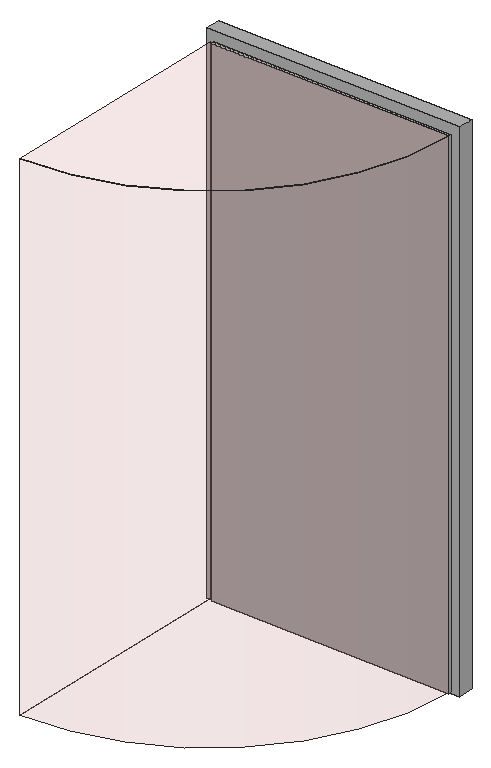
Revit family "ASSA ABLOY - DL1.3 DRAGON, single-leaf, C-shaped frame", category Doors, host Wall, Revit 2021
Family settings
  Host = Wall
  OmniClass Number = 23.30.10.00
  OmniClass Title = Doors
  Always vertical = Yes
  Cut with Voids When Loaded = No
  Shared = No
  Room Calculation Point = No
Parameters (values of type "1265 x 2770 (1269 x 2772)")
  URL = "https://www.assaabloy.com/pl/pl"
  Type Comments = "Door leaf made of two pressed zinc-plated steel sheets 1,0mm thick. Reinforced with \"C\" profiles and filled with mineral wool. Door with 4-sided thick rebate with gasket."
  Symbol Radius = Door Leaf Width + 11.000 mm  # 1343.500 mm
  Rough Width Conversion = 156.500 mm  # constant formula
  Rough Width Adjustment = 0.000 mm  # constant formula
  Rough Height Real = Height Round + Rough Height Conversion + Rough Height Adjustment  # 2873.000 mm
  Rough Height Conversion = 103.000 mm  # constant formula
  Rough Height Adjustment = 0.000 mm  # constant formula
  Resset Value [instance] = 30.000 mm
  Opening Zone [instance] = yes
  Model = "Doorset_Steel Security Door RC3, Rw(dB)= 46/ Access control_ASSA ABLOY Opening Solutions_Hardware 3D"
  Hinges Material = Default steel
  HW Item 9 = "1x CH101: defender_ABLOY"
  HW Item 8 = "1x Presto 3-20/042: U-shape handle set on round rosettes (with ABLOY®ACTIVE coating in option)_ABLOY"
  HW Item 12 = "1x Incedo: Access Control Set_ASSA ABLOY (option)"
  HW Item 11 = "1x HID SIGNO 20: card reader_HID"
  HW Item 10 = "1x 206253: Vercy door stopper, max 120 kg_ASSA ABLOY (option) "
  Frame Finish [instance] = ""
  Fire Rating = "NFR"  # constant formula
  Width Round = roundup((Width / 5.000 mm)) * 5.000 mm  # 1265.000 mm
  Thickness = 60.000 mm  # constant formula
  Smoke Rating = "S (optional)"
  Rough Width = Width Round + Rough Width Conversion + Rough Width Adjustment + 3.500 mm  # 1425.000 mm
  Rough Height = Height Round + 2.000 mm + Rough Height Conversion + Rough Height Adjustment  # 2875.000 mm
  Readme = "The actual lintel height is consistent with the Rough Height parameter.\nThe final HW Set should be consistent with the function of the door and its  parameters.\nHardware mounted on door surface may affect the clear passage opening. For verification, please contact the specification department."
  Provider = "ASSA ABLOY Opening Solutions"
  Product Group = "Single-Steel-Access Control"
  Name = "Steel Security Door RC3, Rw(dB)= 46/ Access control"
  Min Door Width = 450.000 mm
  Min Door Height = 1450.000 mm
  Mechanical Strength = 4
  Max Door Width = 1270.000 mm
  Max Door Height = 2770.000 mm
  Manufacturer = "ASSA ABLOY"  # constant formula
  IfcExportType = "USERDEFINED"
  IfcExportAs = "IfcDoorType"
  Rough Width Real = Width Round + Rough Width Conversion + Rough Width Adjustment  # 1421.500 mm
  Height Round = roundup((Height / 5.000 mm)) * 5.000 mm  # 2770.000 mm
  Hardware Set = "1.5PL"
  HW Item 7 = "1x ABLOY Protec2: Euro profile cylinder in disc technology_ABLOY "
  HW Item 6 = "1x EA219: cable 10m"
  HW Item 5 = "1x EA280/ EA281: lead cover"
  HW Item 4 = "1x EL566: high security, handle controlled, electromechanical multipoint mortice lockcase with  automatic dead locking system_ABLOY"
  HW Item 3 = "1x A153: mechanical opening damper_ASSA ABLOY (option)"
  HW Item 2 = "1x G195: door closer guide rail_ASSA ABLOY"
  HW Item 1 = "1x DC700/ DC500: door closer, Cam-Motion®_ASSA ABLOY"
  Function = Interior
  Height = 2770.000 mm
  Wall Closure = By host
  Width = 1265.000 mm
  Frame Type = "Welded steel C-shaped frame made of zinc-plated steel sheet 3mm thick with EPDM gasket."
  Frame Material = Default steel
  Family name = "1.5_DOORSET_DL 1.3 DRAGON_SINGLE-LEAF_C-SHAPED FRAME_ASSA ABLOY PL"
  Environmental Product Declaration (EPD) = "To be confirmed with Provider"  # constant formula
  Environmental Management System = "To be confirmed with Provider"  # constant formula
  Edition number = "1"
  Door Type = "DL1.3 DRAGON"
  Door Material = Default steel
  Door Leaf Width = Width Round + Rough Width Adjustment + 67.500 mm  # 1332.500 mm
  Door Finish Push Side [instance] = ""
  Door Finish Pull Side [instance] = ""
  Description = "DL1.3 DRAGON, door leaf made of two pressed zinc-plated steel sheets 1,0mm thick. Reinforced with \"C\" profiles and filled with mineral wool. Door with 4-sided thick rebate with gasket. Operating forces – class 3 according to EN 12217:2005. Mechanical strength – class 4 according to EN 1192:2001. Thermal transmittance Uw=1,3W/m²K according to EN ISO 10077-1:2007. Burglary resistance – class RC3 according to EN 1627:2012. Acoustic rating - Rw=46dB according to PN-EN ISO 717-1:2013-08. Hinges with ball bearings, main lock: multipoint class 4 according to EN 12209, three anti-burglary bolts. Welded steel C-shaped frame made of zinc-plated steel sheet 3mm thick with EPDM gasket. 20mm fixed threshold. Optional: low threshold or drop-down seal."
  Date of publishing = ""
  Contact Provider = "https://www.assaabloy.com/pl/pl/solutions/topics/bim-specification/contact"
  Brand = "Donimet Bis Sp. z o. o."  # constant formula
  Author = "www.archispace.pl"
Types (3, lengths in mm): name | Symbol Radius | Rough Height Real | Width Round | Rough Width | Rough Height | Rough Width Real | Height Round | Height | Width | Door Leaf Width
  450 x 1450 (454 x 1452) | 528.500 | 1553.000 | 450.000 | 610.000 | 1555.000 | 606.500 | 1450.000 | 1450.000 | 450.000 | 517.500
  900 x 2000 (904 x 2002) | 978.500 | 2103.000 | 900.000 | 1060.000 | 2105.000 | 1056.500 | 2000.000 | 2000.000 | 900.000 | 967.500
  1265 x 2770 (1269 x 2772) | 1343.500 | 2873.000 | 1265.000 | 1425.000 | 2875.000 | 1421.500 | 2770.000 | 2770.000 | 1265.000 | 1332.500
Reference planes
  plane 1: y = 0
  plane 2 "Center (Left/Right)": x = 0
  plane 3: z = 2875
  plane 4 "Exterior": y = 120
  plane 5 "Interior": y = -120
  plane 6: x = -710.75
  plane 7: x = 710.75
  plane 8: z = 2790
  plane 9: y = -73
  plane 10: y = -125.5
  plane 11: z = 9.5
  plane 12: z = 26
  plane 13: z = 2873
  plane 14: y = -51
  plane 15: y = -73.8
  plane 16: y = -139
  plane 17: x = -712.5
  plane 18: x = 712.5
  plane 19: y = -111
  plane 20: x = -649.75
  plane 21: x = 649.75
  plane 22: z = 2818.5
  plane 23: y = -65.5
  plane 24: y = -90
  plane 25: y = -5
  plane 26: x = 666.25
  plane 27: x = -677.25
  plane 28: x = -666.25
  plane 29: y = -101
  plane 30: z = 2863
  plane 31: x = 637.75
  plane 32: x = -627.25
  plane 33: z = 20
  plane 34: z = 2802
Forms (mm)
  Sweep 1, solid, material "Default steel" <- "Frame Material"
    path origin (0, -120, 0) x (1, 0, 0) y (0, 0, 1)
      loop
        line (-710.75, 0) -> (-710.75, 2863) -> (710.75, 2863) -> (710.75, 0)
    profile origin (-710.75, -120, 1431.5) x (-1, 0, 0) y (0, -1, 0)
      loop
        line (0, -30) -> (-55, -30) -> (-55, -76) -> (-73, -76) -> (-73, -115) -> (0, -115) -> (0, -30)
  Sweep 2, solid, material "Default steel" <- "Frame Material"
    path origin (-5000, -120, 0) x (1, 0, 0) y (0, 0, 1)
      loop
        line (4344.25, 0) -> (5655.75, 0)
    profile origin (0, -120, 0) x (0, 0, 1) y (0, -1, 0)
      loop
        line (0, -30) -> (0, -115) -> (20, -115) -> (20, -30) -> (0, -30)
  Sweep 3, solid, material "Opening zone", visible <- "Opening Zone"
    path origin (-5031, 0, 0) x (-1, 0, 0) y (0, 0, 1)
      loop
        line (-5000, 9.5) -> (-5000, 2818.5)
    profile origin (-31, 0, 1414) x (1, 0, 0) y (0, 1, 0)
      loop
        line (-646.25, -101) -> (-646.25, -1444.5)
        arc (-646.25, -1444.5) -> (303.748, -1050.998) -> (697.25, -101) r 1343.5
        line (697.25, -101) -> (-646.25, -101)
  Sweep 4, solid, material "Default steel" <- "Door Material"
    path origin (415, -90, 1200) x (-1, 0, 0) y (0, 0, 1)
      loop
        line (415, -1174) -> (415, 1602)
    profile origin (0, -90, 1414) x (1, 0, 0) y (0, 1, 0)
      loop
        line (649.75, 39) -> (-649.75, 39) -> (-649.75, -3) -> (649.75, -3) -> (649.75, 39)
  Sweep 5, solid, material "Default steel" <- "Frame Material"
    path origin (0, 120, 0) x (1, 0, 0) y (0, 0, 1)
      loop
        line (710.75, 2863) -> (-710.75, 2863)
    profile origin (0, 120, 2863) x (0, 0, -1) y (0, -1, 0)
      loop
        line (-10, 125) -> (0, 125) -> (0, 210) -> (-10, 210) -> (-10, 125)
  Sweep 6, solid, material "Default steel" <- "Door Material"
    path origin (415, -90, 1200) x (-1, 0, 0) y (0, 0, 1)
      loop
        line (415, -1190.5) -> (415, 1618.5)
    profile origin (0, -90, 1414) x (1, 0, 0) y (0, 1, 0)
      loop
        line (666.25, -21) -> (666.25, -3) -> (-666.25, -3) -> (-666.25, -21) -> (666.25, -21)
Cuts and joins
  joined: Sweep 1, Sweep 2, Sweep 5
  joined: Sweep 4, Sweep 6
Lines and regions (mm)
  Opening 1
    outline origin (-3050, -120, 0) x (1, 0, 0) y (0, 0, 1)
      loop
        line (2337.5, 0) -> (3762.5, 0) -> (3762.5, 2875) -> (2337.5, 2875) -> (2337.5, 0)
  Masking region 1, detail levels fine
    outline origin (-1132.682, -300, 2037) x (-1, 0, 0) y (0, -1, 0)
      loop
        line (-421.932, -295) -> (-421.932, -210) -> (-476.932, -210) -> (-476.932, -256) -> (-494.932, -256) -> (-494.932, -295) -> (-421.932, -295)
      loop
        line (-1843.432, -210) -> (-1843.432, -295) -> (-1770.432, -295) -> (-1770.432, -256) -> (-1788.432, -256) -> (-1788.432, -210) -> (-1843.432, -210)
  Masking region 2, detail levels medium
    outline origin (-1132.682, -300, 2037) x (-1, 0, 0) y (0, -1, 0)
      loop
        line (-421.932, -295) -> (-421.932, -210) -> (-476.932, -210) -> (-476.932, -256) -> (-494.932, -256) -> (-494.932, -295) -> (-421.932, -295)
      loop
        line (-1843.432, -295) -> (-1770.432, -295) -> (-1770.432, -256) -> (-1788.432, -256) -> (-1788.432, -210) -> (-1843.432, -210) -> (-1843.432, -295)
  Masking region 3, detail levels fine
    outline origin (-1132.682, -300, 2037) x (-1, 0, 0) y (0, -1, 0)
      loop
        circle (-455.432, -199) r 11
  symbolic lines, style "Elevation Swing"
    curve 1: line (666.25, -120, 1437.5) -> (-677.25, -120, 2818.5)
    curve 2: line (666.25, -120, 1437.5) -> (-677.25, -120, 9.5)
Text (mm)
  text "Exterior" at (-1376.75, 1099.543, 0), in view "Ref. Level"
  text "Exterior" at (0, 1615.38, 3698.081), in view "Left"
  text "Exterior" at (0, 1036.032, 3874.932), in view "Right"
Dimensions and locks
  "Rough Height": plane 3 to host wall
  equal spacing: host wall, curve 2, plane 3
  host wall to plane 3 = 2875.000 mm
  locked: plane 4 "Exterior" to host wall
  locked: plane 5 "Interior" to host wall
  equal spacing: plane 6, plane 2 "Center (Left/Right)", plane 7
  "Rough Width Real": plane 6 to plane 7
  plane 11 to level = 9.500 mm
  locked: plane 12 to level at 26
  locked: plane 9 to plane 5 "Interior" at 47
  locked: plane 9 to plane 15 at 0.8
  equal spacing: plane 17, plane 2 "Center (Left/Right)", plane 18
  "Rough Width": plane 17 to plane 18
  Masking region 2 sketch curve to plane 7 = 73.000 mm
  plane 17 to plane 18 = 1425.000 mm
  locked: plane 6 to plane 20 at 61
  locked: plane 21 to plane 7 at 61
  plane 12 to level = 26.000 mm
  locked: plane 11 to level at 9.5
  locked: plane 22 to plane 3 at 56.5
  plane 5 "Interior" to plane 10 = 5.500 mm
  locked: Masking region 1 sketch curve to Masking region 1 sketch curve at 73
  locked: Masking region 1 sketch curve to Masking region 1 sketch curve at 39
  equal spacing: Masking region 1 sketch curve, Masking region 1 sketch curve, Masking region 1 sketch curve
  Masking region 1 sketch curve to plane 7 = 73.000 mm
  locked: plane 25 to Masking region 1 sketch curve at 39
  locked: Masking region 1 sketch curve to Masking region 1 sketch curve at 55
  locked: plane 24 to plane 23 at 24.5
  locked: plane 25 to plane 19 at 106
  locked: plane 21 to plane 26 at 16.5
  "Resset Value": plane 5 "Interior" to plane 24
  locked: plane 25 to plane 24 at 85
  locked: Masking region 2 sketch curve to Masking region 2 sketch curve at 73
  locked: Masking region 2 sketch curve to Masking region 2 sketch curve at 18  (x2)
  locked: Masking region 1 sketch curve to Masking region 1 sketch curve at 18
  locked: plane 28 to plane 20 at 16.5
  locked: plane 24 to plane 29 at 11
  locked: Sweep 1 sketch curve to Sweep 1 sketch curve at 73
  locked: plane 13 to plane 30 at 10
  locked: plane 31 to plane 7 at 73
  locked: plane 6 to plane 32 at 83.5
  "Rough Height Real": plane 13 to level
  locked: plane 33 to level at 20
  "Height": plane 8 to plane 33
  locked: plane 13 to plane 34 at 71
  locked: plane 6 to plane 27 at 33.5
  locked: plane 14 to plane 24 at 39
  "Symbol Radius": radius of Sweep 3 sketch curve
  aligned and locked: Opening 1 sketch curve to level
  aligned and locked: plane 1 to host wall
  aligned and locked: level to Sweep 1 sketch curve  (x2)
  aligned and locked: Sweep 1 sketch curve to plane 6
  aligned and locked: plane 7 to Sweep 1 sketch curve
  aligned and locked: Sweep 2 sketch curve to level
  aligned and locked: plane 11 to curve 2
  aligned and locked: Masking region 2 sketch curve to plane 7
  aligned and locked: plane 17 to Opening 1 sketch curve
  aligned and locked: plane 18 to Opening 1 sketch curve
  aligned and locked: Masking region 1 to Sweep 1 sketch curve
  aligned and locked: Sweep 1 sketch curve to Masking region 1
  aligned and locked: Sweep 2 sketch curve to cut or joined group of Sweep 1, Sweep 2, Sweep 5
  aligned and locked: cut or joined group of Sweep 1, Sweep 2, Sweep 5 to Sweep 2 sketch curve
  aligned and locked: plane 2 "Center (Left/Right)" to Sweep 4 sketch curve
  aligned and locked: plane 12 to Sweep 4 sketch curve
  aligned and locked: Masking region 1 sketch curve to plane 25
  aligned and locked: plane 24 to Masking region 1 sketch curve
  aligned and locked: plane 25 to Masking region 1 sketch curve
  aligned and locked: Masking region 1 sketch curve to plane 24
  aligned and locked: plane 25 to Sweep 1 sketch curve
  aligned and locked: Sweep 1 sketch curve to plane 24
  aligned and locked: Masking region 2 sketch curve to Masking region 1  (x4)
  aligned and locked: Masking region 1 to Masking region 2 sketch curve  (x2)
  aligned and locked: plane 22 to Sweep 3 sketch curve
  aligned and locked: plane 27 to Masking region 3 sketch curve
  aligned and locked: plane 25 to Sweep 2 sketch curve
  aligned and locked: Sweep 2 sketch curve to plane 24
  aligned and locked: Masking region 2 sketch curve to plane 6
  aligned and locked: Masking region 1 sketch curve to plane 6
  aligned and locked: Sweep 3 sketch curve to Sweep 3 sketch curve
  aligned and locked: Masking region 3 sketch curve to plane 29
  aligned and locked: Sweep 3 sketch curve to plane 27
  aligned and locked: Sweep 3 sketch curve to plane 29
  aligned and locked: plane 27 to Sweep 3 sketch curve
  aligned and locked: plane 30 to Sweep 1 sketch curve
  aligned and locked: plane 30 to Sweep 5 sketch curve  (x2)
  aligned and locked: plane 7 to Sweep 5 sketch curve
  aligned and locked: plane 6 to Sweep 5 sketch curve
  aligned and locked: Sweep 5 sketch curve to plane 13
  aligned and locked: Sweep 5 sketch curve to plane 25
  aligned and locked: plane 24 to Sweep 5 sketch curve
  aligned and locked: host wall to level
  aligned and locked: plane 34 to Sweep 4 sketch curve
  aligned and locked: plane 14 to Sweep 4 sketch curve
  aligned and locked: plane 22 to Sweep 6 sketch curve
  aligned and locked: plane 11 to Sweep 6 sketch curve
  aligned and locked: Sweep 6 sketch curve to plane 19
  aligned and locked: Sweep 4 sketch curve to plane 21
  aligned and locked: plane 20 to Sweep 4 sketch curve
  aligned and locked: Sweep 6 sketch curve to plane 28
  aligned and locked: plane 26 to Sweep 6 sketch curve
  aligned and locked: nested 1 to plane 2 "Center (Left/Right)"
  aligned and locked: nested 1 to plane 24
  aligned and locked: plane 11 to Sweep 3 sketch curve
  aligned and locked: plane 22 to curve 1
  aligned and locked: plane 27 to curve 1
  aligned and locked: plane 11 to Sweep 3
  aligned and locked: plane 27 to curve 2
  aligned and locked: plane 26 to curve 2
Automatic sketch dimensions
  Opening 1 sketch curve to plane 3 = 0.000 mm
  Sweep 1 sketch curve to profile plane = 0.000 mm
  profile plane to Sweep 2 sketch curve = 0.000 mm
  Sweep 2 sketch curve to profile plane = 20.000 mm
  Masking region 1 sketch curve to plane 20 = 6.000 mm
  Sweep 3 sketch curve to plane 2 "Center (Left/Right)" = 31.000 mm
  Sweep 4 sketch curve to profile plane = 3.000 mm
  Sweep 6 sketch curve to plane 2 "Center (Left/Right)" = 0.000 mm
  Sweep 6 sketch curve to plane 24 = 3.000 mm
  radius of Masking region 3 sketch curve = 11.000 mm
Nested families
  nested 1: "Detail_Door symbol" at (0, -90, 2037), type "Detail_Door symbol"
Definition of nested family "Detail_Door symbol"
  Parameters (values of type "Detail_Door symbol")
    Symbol Radius = 966.000 mm
    Rough Width = 1056.500 mm
    Door Leaf Width = 966.000 mm
  Reference planes
    plane 1 "Center (Front/Back)": y = 0
    plane 2: z = 0
    plane 3 "Center (Left/Right)": x = 0
    plane 4: x = -528.25
    plane 5: x = 528.25
    plane 6: y = -11
    plane 7: x = -494.75
    plane 8: y = -22
    plane 9: y = -38.5
    plane 10: y = -971.5
    plane 11: y = -988
    plane 12: x = -504.75
    plane 13: x = -486.75
    plane 14: x = -444.75
  Lines and regions (mm)
    Filled region 1, type "Solid Fill - White", in view "Ref. Level", detail levels fine
      outline origin (28.5, 43.059, 0) x (1, 0, 0) y (0, 1, 0)
        loop
          line (-533.25, -65.059) -> (-533.25, -1031.059) -> (-515.25, -1031.059) -> (-515.25, -1014.559) -> (-473.25, -1014.559) -> (-473.25, -81.559) -> (-515.25, -81.559) -> (-515.25, -65.059) -> (-533.25, -65.059)
    Filled region 2, type "Solid Fill - White", in view "Ref. Level", detail levels medium
      outline origin (28.5, 43.059, 0) x (1, 0, 0) y (0, 1, 0)
        loop
          line (-533.25, -65.059) -> (-533.25, -1031.059) -> (-473.25, -1031.059) -> (-473.25, -65.059) -> (-533.25, -65.059)
    detail lines, in view "Ref. Level"
      curve 1: arc (-494.75, -977, 0) -> (188.315, -694.065, 0) -> (471.25, -11, 0) r 966
    detail lines, in view "Ref. Level", detail levels coarse
      curve 2: line (-494.75, -977, 0) -> (-494.75, -11, 0)
  Dimensions and locks
    equal spacing: plane 4, plane 3 "Center (Left/Right)", plane 5
    "Rough Width": plane 4 to plane 5
    locked: plane 4 to plane 7 at 33.5
    locked: plane 8 to plane 9 at 16.5
    locked: plane 11 to plane 10 at 16.5
    "Door Leaf Width": plane 11 to plane 8
    locked: plane 6 to plane 1 "Center (Front/Back)" at 11
    locked: plane 6 to plane 8 at 11
    locked: plane 12 to plane 13 at 18
    locked: plane 13 to plane 14 at 42
    locked: plane 4 to plane 12 at 23.5
    "Symbol Radius": radius of curve 1
    aligned and locked: plane 7 to curve 1
    aligned and locked: plane 6 to curve 1
    aligned and locked: plane 12 to Filled region 1 sketch curve
    aligned and locked: Filled region 1 sketch curve to plane 11
    aligned and locked: Filled region 1 sketch curve to plane 13  (x2)
    aligned and locked: plane 10 to Filled region 1 sketch curve
    aligned and locked: Filled region 1 sketch curve to plane 14
    aligned and locked: Filled region 1 sketch curve to plane 8
    aligned and locked: plane 9 to Filled region 1 sketch curve
    aligned and locked: Filled region 2 sketch curve to plane 8
    aligned and locked: Filled region 2 sketch curve to plane 14
    aligned and locked: plane 12 to Filled region 2 sketch curve
    aligned and locked: Filled region 2 sketch curve to plane 11
  Automatic sketch dimensions
    curve 2 to plane 6 = 0.000 mm
